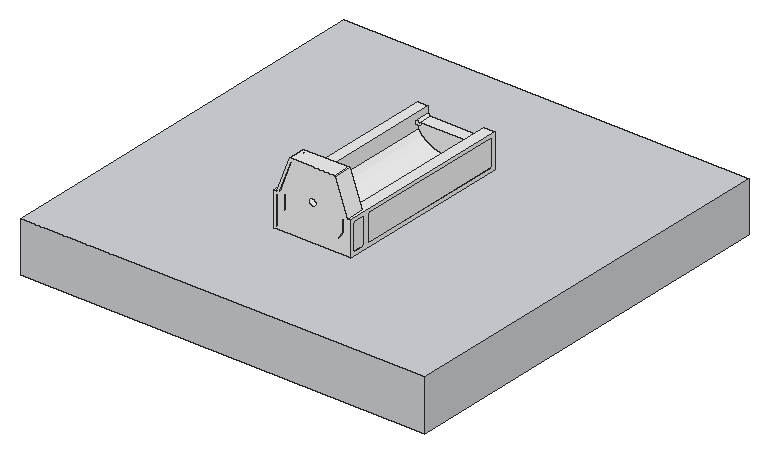
Revit family
Parameters (values of type "Vitreous_China-0-White")
  Width = 1' - 6 1/4"
  Waste Connection = yes
  WFU = 0
  Valve Pressure Drop = 0.00 psi
  URL = "http://www.us.kohler.com"
  Spud = Chrome-Kohler-CP-Polished
  Sanitary Radius = 7/8"
  Sanitary Diameter = Sanitary Radius * 2  # 1 3/4"
  Sanitary Connector = "Sanitary Connection"  # constant formula
  Rough-In = 0' - 8 1/2"
  Product Page URL = "http://www.us.kohler.com/onlinecatalog/detail.jsp?prod_num=4920-T"
  Product Documentation Link = "http://www.us.kohler.com/onlinecatalog/pdf/105106_4.pdf"
  Model = "K-4920-T"  # constant formula
  Manufacturer = "Kohler"  # constant formula
  Length = 1' - 4 1/8"
  Height = 3' - 6 1/2"
  Flush Rate = 1 GPM
  Finish = Vitreous_China-Kohler-0-White
  Description = "Branham™ urinal with top spud"  # constant formula
  Default Elevation = 0' - 0"
  Created By = "http://www.medialab3dstudio.com/"
  Cold Water Radius = 3/4"
  Cold Water Diameter = Cold Water Radius * 2  # 1 1/2"
  Cold Water Connector = "Cold Water Connection"  # constant formula
  CWFU = 0
  CW Connection = yes
  Assembly Code = "D2010210"
  Actual Valve Water Flow = 0 GPM
  ADA Compliant = yes
Types (7): name | Product Documentation Link | Finish
  (no name) | "http://www.us.kohler.com/onlinecatalog/pdf/105106_4.pdf" | Vitreous_China-Kohler-0-White
  Vitreous_China-0-White | "http://www.us.kohler.com/onlinecatalog/pdf/105106_4.pdf" | Vitreous_China-Kohler-0-White
  Vitreous_China-7-Black_Black | "http://www.us.kohler.com/onlinecatalog/pdf/105108_4.pdf" | Vitreous_China-Kohler-7-Black_Black
  Vitreous_China-33-Mexican_Sand | "http://www.us.kohler.com/onlinecatalog/pdf/105108_4.pdf" | Vitreous_China-Kohler-33-Mexican_Sand
  Vitreous_China-47-Almond | "http://www.us.kohler.com/onlinecatalog/pdf/105108_4.pdf" | Vitreous_China-Kohler-47-Almond
  Vitreous_China-96-Biscuit | "http://www.us.kohler.com/onlinecatalog/pdf/105108_4.pdf" | Vitreous_China-Kohler-96-Biscuit
  Vitreous_China-G9-Sandbar | "http://www.us.kohler.com/onlinecatalog/pdf/105108_4.pdf" | Vitreous_China-Kohler-G9-Sandbar
Reference planes (in)
  plane 1 "Center (Top/Bottom)": y = 0
  plane 2 "Back": z = 0
  plane 3 "Center (Left/Right)": x = 0
  plane 4 "Left": x = -9.125
  plane 5 "Right": x = 9.125
  plane 6 "Top": y = 21.25
  plane 7 "Bottom": y = -21.25
  plane 8 "Front": z = 16.125
  plane 9 "Center (Front/Back)": z = 8.0625
  plane 10: y = 18.23417
  plane 11: y = 21.125
  plane 12: z = 4.5625
  plane 13: z = 6.5625
  plane 14: y = 18.35917
  plane 15: y = -21.125
  plane 16: y = -17.21052
  plane 17: x = -6.625
  plane 18: x = -6.09467
  plane 19: x = 6.09467
  plane 20: x = 6.625
  plane 21: z = 6.03217
  plane 22: x = -8.625
  plane 23: x = -8.40709
  plane 24: x = -7.875
  plane 25: x = -5.53245
  plane 26: x = -5.15241
  plane 27: x = -5.03495
  plane 28: x = -5.03495
  plane 29: x = 7.875
  plane 30: x = 8.40709
  plane 31: x = 5.03495
  plane 32: x = 5.15241
  plane 33: x = 5.29753
  plane 34: x = 5.53245
  plane 35: z = 15.96051
  plane 36: z = 15.625
  plane 37: z = 15.54275
  plane 38: z = 8.5
  plane 39: z = 0.125
  plane 40: x = -8.875
  plane 41: x = 8.875
  plane 42: y = 20.62401
  plane 43: y = 20.12401
  plane 44: y = -16.4011
  plane 45: y = -15.9011
  plane 46: z = 7.35961
  plane 47: z = 0.7419
  plane 48: z = 6.85961
  plane 49: z = 1.2419
  plane 50: y = -17.42753
  plane 51: y = -20.62221
  plane 52: z = 1.2419
  plane 53: z = 0.7419
  plane 54: z = 7.35961
  plane 55: z = 6.85961
  plane 56: y = -17.92753
  plane 57: y = -20.12221
  plane 58: y = 20.62401
  plane 59: y = 20.12401
  plane 60: y = -16.4011
  plane 61: y = -15.9011
  plane 62: z = 7.35961
  plane 63: z = 0.7419
  plane 64: z = 6.85961
  plane 65: z = 1.2419
  plane 66: y = -17.42753
  plane 67: y = -20.62221
  plane 68: z = 1.2419
  plane 69: z = 0.7419
  plane 70: z = 7.35961
  plane 71: z = 6.85961
  plane 72: y = -17.92753
  plane 73: y = -20.12221
  plane 74: y = 17.43423
  plane 75: y = 18.18736
  plane 76: x = 5.53245
  plane 77: x = -5.29753
  plane 78: y = 19.5
  plane 79: x = -1
  plane 80: x = 1
  plane 81: x = -0.5
  plane 82: x = 0.5
  plane 83: z = 4
  plane 84: z = 2
  plane 85: z = 2.5
  plane 86: z = 3.5
  plane 87: z = 3
  plane 88: z = 3
  plane 89: y = 21.375
  plane 90: y = 21.5625
  plane 91: y = 21.875
  plane 92: z = 4.25
  plane 93: z = 4
  plane 94: z = 3.75
  plane 95: z = 2.25
  plane 96: z = 2
  plane 97: z = 1.75
  plane 98: z = 4
  plane 99: z = 3.75
  plane 100: z = 3.5
  plane 101: z = 2.5
  plane 102: z = 2.25
  plane 103: z = 2
Forms (in)
  Extrusion 1, solid
    sketch origin (0, 0, 0) x (1, 0, 0) y (0, 1, 0)
      loop
        line (-48, 48) -> (-48, -48) -> (48, -48) -> (48, 48) -> (-48, 48)
    from 0 to -12
  Sweep 2, solid, material "Vitreous_China-Kohler-0-White" <- "Finish"
    path origin (0, 0, 0) x (1, 0, 0) y (0, 0, 1)
      loop
        line (-9.125, 0) -> (9.125, 0) -> (9.125, 8.0625) -> (6.625, 8.0625) -> (6.625, 6.5625) -> (6.09467, 6.03217) -> (-6.09467, 6.03217) -> (-6.625, 6.5625) -> (-6.625, 8.0625) -> (-9.125, 8.0625) -> (-9.125, 0)
    profile origin (-9.125, 0, 4.03125) x (-1, 0, 0) y (0, -1, 0)
      loop
        line (0, -21.25) -> (0, 21.25) -> (-0.5, 21.25) -> (-0.5, -21.25) -> (0, -21.25)
  Extrusion 3, solid, material "Vitreous_China-Kohler-0-White" <- "Finish"
    sketch origin (0, 0, 0) x (1, 0, 0) y (0, 0, 1)
      loop
        line (6.625, 6.5625) -> (6.625, 4.5625)
        arc (6.625, 4.5625) -> (0, 1.18664) -> (-6.625, 4.5625) r 8.18859
        line (-6.625, 4.5625) -> (-6.625, 6.5625) -> (-7.125, 6.5625) -> (-7.125, 4.40271)
        arc (-7.125, 4.40271) -> (0, 0.68664) -> (7.125, 4.40271) r 8.68859
        line (7.125, 4.40271) -> (7.125, 6.5625) -> (6.625, 6.5625)
    from -18.23417 to 21.25
  Extrusion 4, solid, material "Vitreous_China-Kohler-0-White" <- "Finish"
    sketch origin (0, 0, 0) x (1, 0, 0) y (0, 0, 1)
      loop
        line (7.125, 6.35539) -> (6.30178, 5.53217) -> (-6.30178, 5.53217) -> (-7.125, 6.35539) -> (-7.125, 7.5625) -> (-8.625, 7.5625) -> (-8.625, 0.5) -> (8.625, 0.5) -> (8.625, 7.5625) -> (7.125, 7.5625) -> (7.125, 6.35539)
    from -21.25 to -21.125
  Extrusion 5, void
    sketch origin (0, 0, 0) x (1, 0, 0) y (0, 1, 0)
      loop
        line (5.78144, 18.23417) -> (-5.82506, 18.23417)
        arc (-5.82506, 18.23417) -> (-6.3907, 17.99987) -> (-6.625, 17.43423) r 0.79994
        line (-6.625, 17.43423) -> (-6.625, -21.25) -> (6.625, -21.25) -> (6.625, 17.39061)
        arc (6.625, 17.39061) -> (6.37793, 17.98709) -> (5.78144, 18.23417) r 0.84356
    from 4.5625 to 6.5625
  Extrusion 6, solid, material "Vitreous_China-Kohler-0-White" <- "Finish"
    sketch origin (0, 0, 0) x (1, 0, 0) y (0, 0, 1)
      loop
        line (6.625, 4.5625) -> (6.625, 5.85539) -> (6.30178, 5.53217) -> (-6.30178, 5.53217) -> (-6.625, 5.85539) -> (-6.625, 4.5625)
        arc (-6.625, 4.5625) -> (0, 1.18664) -> (6.625, 4.5625) r 8.18859
    from -18.35917 to -18.23417
  Extrusion 7, solid, material "Vitreous_China-Kohler-0-White" <- "Finish"
    sketch origin (0, 0, 0) x (1, 0, 0) y (0, 0, 1)
      loop
        line (-8.625, 0.5) -> (8.625, 0.5) -> (8.625, 7.5625) -> (7.125, 7.5625) -> (7.125, 4.40271)
        arc (7.125, 4.40271) -> (0, 0.68664) -> (-7.125, 4.40271) r 8.68859
        line (-7.125, 4.40271) -> (-7.125, 7.5625) -> (-8.625, 7.5625) -> (-8.625, 0.5)
    from 21.125 to 21.25
  Extrusion 8, solid, material "Vitreous_China-Kohler-0-White" <- "Finish"
    sketch origin (0, 0, 0) x (1, 0, 0) y (0, 0, 1)
      loop
        line (7.875, 8.0625) -> (8.40709, 8.0625) -> (5.53245, 15.96051)
        arc (5.53245, 15.96051) -> (5.44092, 16.07979) -> (5.29753, 16.125) r 0.25
        line (5.29753, 16.125) -> (-5.29753, 16.125)
        arc (-5.29753, 16.125) -> (-5.44092, 16.07979) -> (-5.53245, 15.96051) r 0.25
        line (-5.53245, 15.96051) -> (-8.40709, 8.0625) -> (-7.875, 8.0625) -> (-5.15241, 15.54275)
        arc (-5.15241, 15.54275) -> (-5.10665, 15.60239) -> (-5.03495, 15.625) r 0.125
        line (-5.03495, 15.625) -> (5.03495, 15.625)
        arc (5.03495, 15.625) -> (5.10665, 15.60239) -> (5.15241, 15.54275) r 0.125
        line (5.15241, 15.54275) -> (7.875, 8.0625)
    from 17.21052 to 21.25
  Extrusion 9, solid, material "Vitreous_China-Kohler-0-White" <- "Finish"
    sketch origin (0, 0, 0) x (1, 0, 0) y (0, 0, 1)
      loop
        line (-7.875, 8.0625) -> (-6.625, 8.0625) -> (-6.625, 4.5625)
        arc (-6.625, 4.5625) -> (0, 1.18664) -> (6.625, 4.5625) r 8.18859
        line (6.625, 4.5625) -> (6.625, 8.0625) -> (7.875, 8.0625) -> (5.15241, 15.54275)
        arc (5.15241, 15.54275) -> (5.10665, 15.60239) -> (5.03495, 15.625) r 0.125
        line (5.03495, 15.625) -> (-5.03495, 15.625)
        arc (-5.03495, 15.625) -> (-5.10665, 15.60239) -> (-5.15241, 15.54275) r 0.125
        line (-5.15241, 15.54275) -> (-7.875, 8.0625)
    from 21.125 to 21.25
  Blend 10, void
    base sketch origin (0, 0, 0) x (1, 0, 0) y (0, 0, 1)
      loop
        arc (-1.25, 8.5) -> (-0.88388, 7.61612) -> (0, 7.25) r 1.25
        arc (0, 7.25) -> (0.88388, 7.61612) -> (1.25, 8.5) r 1.25
        arc (1.25, 8.5) -> (0.88388, 9.38388) -> (0, 9.75) r 1.25
        arc (0, 9.75) -> (-0.88388, 9.38388) -> (-1.25, 8.5) r 1.25
    top sketch origin (0, 0, 0) x (1, 0, 0) y (0, 0, 1)
      loop
        arc (-0.87668, 8.5) -> (-0.61991, 7.88009) -> (0, 7.62332) r 0.87668
        arc (0, 7.62332) -> (0.61991, 7.88009) -> (0.87668, 8.5) r 0.87668
        arc (0.87668, 8.5) -> (0.61991, 9.11991) -> (0, 9.37668) r 0.87668
        arc (0, 9.37668) -> (-0.61991, 9.11991) -> (-0.87668, 8.5) r 0.87668
    from 21.125 to 21.25
  Extrusion 11, void
    sketch origin (0, 0, 0) x (0, 1, 0) y (0, 0, 1)
      loop
        arc (20.62401, 6.85961) -> (20.47756, 7.21316) -> (20.12401, 7.35961) r 0.5
        line (20.12401, 7.35961) -> (-15.9011, 7.35961)
        arc (-15.9011, 7.35961) -> (-16.25465, 7.21316) -> (-16.4011, 6.85961) r 0.5
        line (-16.4011, 6.85961) -> (-16.4011, 1.2419)
        arc (-16.4011, 1.2419) -> (-16.25465, 0.88835) -> (-15.9011, 0.7419) r 0.5
        line (-15.9011, 0.7419) -> (20.12401, 0.7419)
        arc (20.12401, 0.7419) -> (20.47756, 0.88835) -> (20.62401, 1.2419) r 0.5
        line (20.62401, 1.2419) -> (20.62401, 6.85961)
    from -9.125 to -8.875
  Extrusion 12, void
    sketch origin (0, 0, 0) x (0, 1, 0) y (0, 0, 1)
      loop
        arc (-17.42753, 6.85961) -> (-17.57397, 7.21316) -> (-17.92753, 7.35961) r 0.5
        line (-17.92753, 7.35961) -> (-20.12221, 7.35961)
        arc (-20.12221, 7.35961) -> (-20.47576, 7.21316) -> (-20.62221, 6.85961) r 0.5
        line (-20.62221, 6.85961) -> (-20.62221, 1.2419)
        arc (-20.62221, 1.2419) -> (-20.47576, 0.88835) -> (-20.12221, 0.7419) r 0.5
        line (-20.12221, 0.7419) -> (-17.92753, 0.7419)
        arc (-17.92753, 0.7419) -> (-17.57397, 0.88835) -> (-17.42753, 1.2419) r 0.5
        line (-17.42753, 1.2419) -> (-17.42753, 6.85961)
    from -9.125 to -8.875
  Extrusion 13, void
    sketch origin (0, 0, 0) x (0, 1, 0) y (0, 0, 1)
      loop
        arc (20.62401, 6.85961) -> (20.47756, 7.21316) -> (20.12401, 7.35961) r 0.5
        line (20.12401, 7.35961) -> (-15.9011, 7.35961)
        arc (-15.9011, 7.35961) -> (-16.25465, 7.21316) -> (-16.4011, 6.85961) r 0.5
        line (-16.4011, 6.85961) -> (-16.4011, 1.2419)
        arc (-16.4011, 1.2419) -> (-16.25465, 0.88835) -> (-15.9011, 0.7419) r 0.5
        line (-15.9011, 0.7419) -> (20.12401, 0.7419)
        arc (20.12401, 0.7419) -> (20.47756, 0.88835) -> (20.62401, 1.2419) r 0.5
        line (20.62401, 1.2419) -> (20.62401, 6.85961)
    from 8.875 to 9.125
  Extrusion 14, void
    sketch origin (0, 0, 0) x (0, 1, 0) y (0, 0, 1)
      loop
        arc (-17.42753, 6.85961) -> (-17.57397, 7.21316) -> (-17.92753, 7.35961) r 0.5
        line (-17.92753, 7.35961) -> (-20.12221, 7.35961)
        arc (-20.12221, 7.35961) -> (-20.47576, 7.21316) -> (-20.62221, 6.85961) r 0.5
        line (-20.62221, 6.85961) -> (-20.62221, 1.2419)
        arc (-20.62221, 1.2419) -> (-20.47576, 0.88835) -> (-20.12221, 0.7419) r 0.5
        line (-20.12221, 0.7419) -> (-17.92753, 0.7419)
        arc (-17.92753, 0.7419) -> (-17.57397, 0.88835) -> (-17.42753, 1.2419) r 0.5
        line (-17.42753, 1.2419) -> (-17.42753, 6.85961)
    from 8.875 to 9.125
  Extrusion 15, solid, material "Chrome-Kohler-CP-Polished" <- "Spud"
    sketch origin (0, 21.25, -16.5) x (1, 0, 0) y (0, 0, 1)
      loop
        arc (-0.75, 19.5) -> (-0.53033, 18.96967) -> (0, 18.75) r 0.75
        arc (0, 18.75) -> (0.53033, 18.96967) -> (0.75, 19.5) r 0.75
        arc (0.75, 19.5) -> (0.53033, 20.03033) -> (0, 20.25) r 0.75
        arc (0, 20.25) -> (-0.53033, 20.03033) -> (-0.75, 19.5) r 0.75
    from -0.625 to 0
  Extrusion 16, solid, material "Chrome-Kohler-CP-Polished" <- "Spud"
    sketch origin (0, 21.25, -16.5) x (1, 0, 0) y (0, 0, 1)
      loop
        line (-1, 20) -> (-1, 19) -> (-0.5, 18.5) -> (0.5, 18.5) -> (1, 19) -> (1, 20) -> (0.5, 20.5) -> (-0.5, 20.5) -> (-1, 20)
    from -0.3125 to -0.125
  Extrusion 17, solid, material "Chrome-Kohler-CP-Polished" <- "Spud"
    sketch origin (0, 21.25, -16.5) x (1, 0, 0) y (0, 0, 1)
      loop
        arc (-1.25, 19.5) -> (-0.88388, 18.61612) -> (0, 18.25) r 1.25
        arc (0, 18.25) -> (0.88388, 18.61612) -> (1.25, 19.5) r 1.25
        arc (1.25, 19.5) -> (0.88388, 20.38388) -> (0, 20.75) r 1.25
        arc (0, 20.75) -> (-0.88388, 20.38388) -> (-1.25, 19.5) r 1.25
    from -0.125 to 0
Cuts and joins
  Extrusion 5, Blend 10, Extrusion 11, Extrusion 12, Extrusion 13, Extrusion 14 cuts Sweep 2
  Blend 10, Extrusion 13, Extrusion 14 cuts Extrusion 3
  Blend 10, Extrusion 13, Extrusion 14 cuts Extrusion 4
  Blend 10, Extrusion 13, Extrusion 14 cuts Extrusion 7
  Blend 10, Extrusion 13, Extrusion 14 cuts Extrusion 8
  Blend 10, Extrusion 13, Extrusion 14 cuts Extrusion 9
  joined: Sweep 2, Extrusion 3, Extrusion 4, Extrusion 6, Extrusion 7, Extrusion 8, Extrusion 9
Lines and regions (in)
  Masking region 1, detail levels coarse
    outline origin (0, 0, 0) x (0, 1, 0) y (0, 0, 1)
      loop
        line (21.25, 16.125) -> (-21.25, 16.125) -> (-21.25, 0) -> (21.25, 0) -> (21.25, 16.125)
  Masking region 2, detail levels fine
    outline origin (0, 0, 0) x (0, 1, 0) y (0, 0, 1)
      loop
        line (20.62401, 1.2419) -> (20.62401, 6.85961)
        arc (20.62401, 6.85961) -> (20.47756, 7.21316) -> (20.12401, 7.35961) r 0.5
        line (20.12401, 7.35961) -> (-15.9011, 7.35961)
        arc (-15.9011, 7.35961) -> (-16.25465, 7.21316) -> (-16.4011, 6.85961) r 0.5
        line (-16.4011, 6.85961) -> (-16.4011, 1.2419)
        arc (-16.4011, 1.2419) -> (-16.25465, 0.88835) -> (-15.9011, 0.7419) r 0.5
        line (-15.9011, 0.7419) -> (20.12401, 0.7419)
        arc (20.12401, 0.7419) -> (20.47756, 0.88835) -> (20.62401, 1.2419) r 0.5
      loop
        line (-17.42753, 1.2419) -> (-17.42753, 6.85961)
        arc (-17.42753, 6.85961) -> (-17.57397, 7.21316) -> (-17.92753, 7.35961) r 0.5
        line (-17.92753, 7.35961) -> (-20.12221, 7.35961)
        arc (-20.12221, 7.35961) -> (-20.47576, 7.21316) -> (-20.62221, 6.85961) r 0.5
        line (-20.62221, 6.85961) -> (-20.62221, 1.2419)
        arc (-20.62221, 1.2419) -> (-20.47576, 0.88835) -> (-20.12221, 0.7419) r 0.5
        line (-20.12221, 0.7419) -> (-17.92753, 0.7419)
        arc (-17.92753, 0.7419) -> (-17.57397, 0.88835) -> (-17.42753, 1.2419) r 0.5
  Masking region 3, detail levels medium+fine
    outline origin (0, 0, 0) x (0, 1, 0) y (0, 0, 1)
      loop
        line (21.25, 8.0625) -> (-17.21052, 8.0625) -> (-17.21052, 16.125) -> (-21.25, 16.125) -> (-21.25, 0) -> (21.25, 0) -> (21.25, 8.0625)
  Masking region 4
    outline origin (0, 0, 8.0625) x (0, -1, 0) y (1, 0, 0)
      loop
        line (21.25, -9.125) -> (21.25, 9.125) -> (-21.25, 9.125) -> (-21.25, 1.25) -> (-21.375, 1.25) -> (-21.375, 1) -> (-21.5625, 1) -> (-21.5625, 0.75) -> (-21.875, 0.75) -> (-21.875, -0.75) -> (-21.5625, -0.75) -> (-21.5625, -1) -> (-21.375, -1) -> (-21.375, -1.25) -> (-21.25, -1.25) -> (-21.25, -9.125) -> (21.25, -9.125)
  Masking region 5, detail levels medium+fine
    outline origin (0, 0, 16.125) x (0, -1, 0) y (1, 0, 0)
      loop
        arc (-18.23417, -5.82506) -> (-17.99987, -6.3907) -> (-17.43423, -6.625) r 0.79994
        line (-17.43423, -6.625) -> (17.21052, -6.625) -> (17.21052, 6.625) -> (-17.39061, 6.625)
        arc (-17.39061, 6.625) -> (-17.98709, 6.37793) -> (-18.23417, 5.78144) r 0.84356
        line (-18.23417, 5.78144) -> (-18.23417, -5.82506)
  Masking region 6, detail levels medium+fine
    outline origin (0, 0, 16.125) x (0, -1, 0) y (1, 0, 0)
      loop
        line (21.25, -8.40709) -> (21.25, 8.40709) -> (17.21052, 8.40709) -> (17.21052, -8.40709) -> (21.25, -8.40709)
  Masking region 7, detail levels coarse
    outline origin (0, 0, 0) x (1, 0, 0) y (0, 0, 1)
      loop
        line (9.125, 16.125) -> (-9.125, 16.125) -> (-9.125, 0) -> (9.125, 0) -> (9.125, 16.125)
  Masking region 8, detail levels medium+fine
    outline origin (0, 0, 0) x (1, 0, 0) y (0, 0, 1)
      loop
        line (8.40709, 8.0625) -> (5.53245, 15.96051)
        arc (5.53245, 15.96051) -> (5.44092, 16.07979) -> (5.29753, 16.125) r 0.25
        line (5.29753, 16.125) -> (-5.29753, 16.125)
        arc (-5.29753, 16.125) -> (-5.44092, 16.07979) -> (-5.53245, 15.96051) r 0.25
        line (-5.53245, 15.96051) -> (-8.40709, 8.0625) -> (-9.125, 8.0625) -> (-9.125, 0) -> (9.125, 0) -> (9.125, 8.0625) -> (8.40709, 8.0625)
  Masking region 9, detail levels fine
    outline origin (0, 21.25, 0) x (1, 0, 0) y (0, 0, 1)
      loop
        arc (1.25, 8.5) -> (0.88388, 9.38388) -> (0, 9.75) r 1.25
        arc (0, 9.75) -> (-0.88388, 9.38388) -> (-1.25, 8.5) r 1.25
        arc (-1.25, 8.5) -> (-0.88388, 7.61612) -> (0, 7.25) r 1.25
        arc (0, 7.25) -> (0.88388, 7.61612) -> (1.25, 8.5) r 1.25
  Masking region 10, detail levels fine
    outline origin (0, 21.25, 0) x (1, 0, 0) y (0, 0, 1)
      loop
        line (9.125, 0) -> (9.125, 8.0625) -> (6.625, 8.0625) -> (6.625, 6.5625) -> (6.09467, 6.03217) -> (-6.09467, 6.03217) -> (-6.625, 6.5625) -> (-6.625, 8.0625) -> (-9.125, 8.0625) -> (-9.125, 0) -> (9.125, 0)
  Masking region 11, detail levels fine
    outline origin (0, 0, 0) x (1, 0, 0) y (0, 0, 1)
      loop
        arc (0, 9.37668) -> (-0.61991, 9.11991) -> (-0.87668, 8.5) r 0.87668
        arc (-0.87668, 8.5) -> (-0.61991, 7.88009) -> (0, 7.62332) r 0.87668
        arc (0, 7.62332) -> (0.61991, 7.88009) -> (0.87668, 8.5) r 0.87668
        arc (0.87668, 8.5) -> (0.61991, 9.11991) -> (0, 9.37668) r 0.87668
  Masking region 12, detail levels fine
    outline origin (0, 21.25, 0) x (1, 0, 0) y (0, 0, 1)
      loop
        arc (0, 4.25) -> (-0.88388, 3.88388) -> (-1.25, 3) r 1.25
        arc (-1.25, 3) -> (-0.88388, 2.11612) -> (0, 1.75) r 1.25
        arc (0, 1.75) -> (0.88388, 2.11612) -> (1.25, 3) r 1.25
        arc (1.25, 3) -> (0.88388, 3.88388) -> (0, 4.25) r 1.25
      loop
        line (1, 3.5) -> (0.5, 4) -> (-0.5, 4) -> (-1, 3.5) -> (-1, 2.5) -> (-0.5, 2) -> (0.5, 2) -> (1, 2.5) -> (1, 3.5)
      loop
        arc (0.75, 3) -> (0.53033, 3.53033) -> (0, 3.75) r 0.75
        arc (0, 3.75) -> (-0.53033, 3.53033) -> (-0.75, 3) r 0.75
        arc (-0.75, 3) -> (-0.53033, 2.46967) -> (0, 2.25) r 0.75
        arc (0, 2.25) -> (0.53033, 2.46967) -> (0.75, 3) r 0.75
  Masking region 13, detail levels fine
    outline origin (0, 0, 0) x (0, 1, 0) y (0, 0, 1)
      loop
        line (21.25, 4.25) -> (21.25, 1.75) -> (21.375, 1.75) -> (21.375, 2) -> (21.5625, 2) -> (21.5625, 2.25) -> (21.875, 2.25) -> (21.875, 3.75) -> (21.5625, 3.75) -> (21.5625, 4) -> (21.375, 4) -> (21.375, 4.25) -> (21.25, 4.25)
  symbolic lines, style "Masking Lines", detail levels fine
    curve 1: line (0, -21.25, 8.0625) -> (0, -17.21052, 8.0625)
    curve 2: line (-6.09467, 18.18736, 16.125) -> (-6.09467, 21.25, 16.125)
    curve 3: line (-6.625, 17.43423, 16.125) -> (-6.625, 21.25, 16.125)
    curve 4: line (6.09467, 18.18736, 16.125) -> (6.09467, 21.25, 16.125)
    curve 5: line (6.625, 17.43423, 16.125) -> (6.625, 21.25, 16.125)
    curve 6: line (-5.53245, -17.21052, 16.125) -> (-5.53245, -21.25, 16.125)
    curve 7: line (5.53245, -17.21052, 16.125) -> (5.53245, -21.25, 16.125)
    curve 8: line (5.15241, 21.25, 15.54275) -> (7.875, 21.25, 8.0625)
    curve 9: arc (5.03495, 21.25, 15.625) -> (5.10665, 21.25, 15.60239) -> (5.15241, 21.25, 15.54275) r 0.125
    curve 10: line (-5.03495, 21.25, 15.625) -> (5.03495, 21.25, 15.625)
    curve 11: arc (-5.15241, 21.25, 15.54275) -> (-5.10665, 21.25, 15.60239) -> (-5.03495, 21.25, 15.625) r 0.125
    curve 12: line (-7.875, 21.25, 8.0625) -> (-5.15241, 21.25, 15.54275)
    curve 13: line (0, 21.5625, 3.75) -> (0, 21.5625, 2.25)
    curve 14: line (0, 21.375, 4) -> (0, 21.375, 2)
    curve 15: line (0, 21.375, 3.5) -> (0, 21.5625, 3.5)
    curve 16: line (0, 21.375, 2.5) -> (0, 21.5625, 2.5)
    curve 17: line (-0.75, 21.5625, 0) -> (0.75, 21.5625, 0)
    curve 18: line (-1, 21.375, 0) -> (1, 21.375, 0)
    curve 19: line (-0.5, 21.5625, 0) -> (-0.5, 21.375, 0)
    curve 20: line (0.5, 21.5625, 0) -> (0.5, 21.375, 0)
    curve 21: line (-1.25, 21.25, 0) -> (1.25, 21.25, 0)
Dimensions and locks (in)
  equal spacing: plane 4 "Left", plane 3 "Center (Left/Right)", plane 5 "Right"
  "Width": plane 4 "Left" to plane 5 "Right"
  equal spacing: plane 7 "Bottom", plane 1 "Center (Top/Bottom)", plane 6 "Top"
  "Height": plane 7 "Bottom" to plane 6 "Top"
  "Length": plane 8 "Front" to plane 2 "Back"
  equal spacing: plane 8 "Front", plane 9 "Center (Front/Back)", plane 2 "Back"
  locked: plane 10 to plane 6 "Top" at 3.01583
  locked: plane 11 to plane 6 "Top" at 0.125
  plane 13 to plane 12 to plane 2 "Back" = 0' - 2" locked, 0' - 4 9/16" locked
  locked: plane 10 to plane 14 at 0.125
  locked: plane 7 "Bottom" to plane 15 at 0.125
  locked: plane 7 "Bottom" to plane 16 at 4.03948
  plane 20 to plane 19 to plane 18 to plane 17 to plane 4 "Left" = 0' - 0.53033" locked, 1' - 0.18934" locked, 0' - 0.53033" locked, 0' - 2 1/2" locked
  locked: plane 21 to plane 2 "Back" at 6.03217
  locked: plane 4 "Left" to plane 22 at 0.5
  plane 8 "Front" to plane 35 to plane 36 to plane 37 = 0' - 0.16449" locked, 0' - 0.33551" locked, 0' - 0.08225" locked
  plane 5 "Right" to plane 30 to plane 29 to plane 34 to plane 33 to plane 32 to plane 31 = 0' - 0.71791" locked, 0' - 0.53209" locked, 0' - 2.34255" locked, 0' - 0.23492" locked, 0' - 0.14512" locked, 0' - 0.11746" locked
  "Rough-In": plane 38 to plane 2 "Back"
  locked: plane 2 "Back" to plane 39 at 0.125
  locked: plane 4 "Left" to plane 40 at 0.25
  locked: plane 41 to plane 5 "Right" at 0.25
  plane 2 "Back" to plane 47 to plane 49 to plane 48 to plane 46 = 0' - 0.7419" locked, 0' - 0 1/2" locked, 0' - 5.6177" locked, 0' - 0 1/2" locked
  plane 6 "Top" to plane 42 to plane 43 to plane 45 to plane 44 = 0' - 0.62599" locked, 0' - 0 1/2" locked, 3' - 0.02511" locked, 0' - 0 1/2" locked
  plane 50 to plane 56 to plane 57 to plane 51 to plane 7 "Bottom" = 0' - 0 1/2" locked, 0' - 2.19468" locked, 0' - 0 1/2" locked, 0' - 0.62779" locked
  plane 54 to plane 55 to plane 52 to plane 53 to plane 2 "Back" = 0' - 0 1/2" locked, 0' - 5.6177" locked, 0' - 0 1/2" locked, 0' - 0.7419" locked
  plane 7 "Bottom" to plane 60 to plane 61 to plane 59 to plane 58 = 0' - 4.8489" locked, 0' - 0 1/2" locked, 3' - 0.02511" locked, 0' - 0 1/2" locked
  plane 2 "Back" to plane 63 to plane 65 to plane 64 to plane 62 = 0' - 0.7419" locked, 0' - 0 1/2" locked, 0' - 5.6177" locked, 0' - 0 1/2" locked
  plane 7 "Bottom" to plane 67 to plane 73 to plane 72 to plane 66 = 0' - 0.62779" locked, 0' - 0 1/2" locked, 0' - 2.19468" locked, 0' - 0 1/2" locked
  plane 70 to plane 71 to plane 68 to plane 69 to plane 2 "Back" = 0' - 0 1/2" locked, 0' - 5.6177" locked, 0' - 0 1/2" locked, 0' - 0.7419" locked
  plane 74 to plane 75 to plane 6 "Top" = 0' - 0.75313" locked, 0' - 3.06264" locked
  locked: plane 76 to plane 5 "Right" at 3.59255
  plane 28 to plane 26 to plane 77 to plane 25 to plane 24 to plane 23 to plane 4 "Left" = 0' - 0.11746" locked, 0' - 0.14512" locked, 0' - 0.23492" locked, 0' - 2.34255" locked, 0' - 0.53209" locked, 0' - 0.71791" locked
  locked: plane 2 "Back" to plane 87 at 3
  plane 2 "Back" to plane 84 to plane 85 to plane 86 to plane 83 = 0' - 2" locked, 0' - 0 1/2" locked, 0' - 1" locked, 0' - 0 1/2" locked
  plane 5 "Right" to plane 80 to plane 82 to plane 81 to plane 79 = 0' - 8 1/8" locked, 0' - 0 1/2" locked, 0' - 1" locked, 0' - 0 1/2" locked
  locked: plane 2 "Back" to plane 88 at 3
  plane 6 "Top" to plane 89 to plane 90 to plane 91 = 0' - 0 1/8" locked, 0' - 0 3/16" locked, 0' - 0 5/16" locked
  plane 92 to plane 93 to plane 94 to plane 95 to plane 96 to plane 97 to plane 2 "Back" = 0' - 0 1/4" locked, 0' - 0 1/4" locked, 0' - 1 1/2" locked, 0' - 0 1/4" locked, 0' - 0 1/4" locked, 0' - 1 3/4" locked
  plane 98 to plane 99 to plane 100 to plane 101 to plane 102 to plane 103 to plane 2 "Back" = 0' - 0 1/4" locked, 0' - 0 1/4" locked, 0' - 1" locked, 0' - 0 1/4" locked, 0' - 0 1/4" locked, 0' - 2" locked
  aligned and locked: plane 2 "Back" to Extrusion 1
  aligned and locked: level to Extrusion 1
  aligned and locked: Extrusion 3 to plane 10
  aligned and locked: plane 7 "Bottom" to Extrusion 3
  aligned and locked: Extrusion 3 to Extrusion 4 sketch curve
  aligned and locked: Extrusion 4 sketch curve to Sweep 2  (x8)
  aligned and locked: Extrusion 4 sketch curve to Extrusion 3
  aligned and locked: Extrusion 4 to plane 6 "Top"
  aligned and locked: plane 11 to Extrusion 4
  aligned and locked: plane 13 to Extrusion 5
  aligned and locked: plane 12 to Extrusion 5
  aligned and locked: Extrusion 6 sketch curve to Extrusion 3
  aligned and locked: Extrusion 6 sketch curve to cut or joined group 1 (Sweep 2, Extrusion 3, Extrusion 4, Extrusion 5, Extrusion 6, Extrusion 7, Extrusion 8, Extrusion 9, Blend 10, Extrusion 11, Extrusion 12, Extrusion 13, Extrusion 14)  (x2)
  aligned and locked: Extrusion 3 to Extrusion 6 sketch curve
  aligned and locked: plane 10 to Extrusion 6
  aligned and locked: Extrusion 6 to plane 14
  aligned and locked: Extrusion 7 sketch curve to cut or joined group 1  (x7)
  aligned and locked: plane 7 "Bottom" to Extrusion 7
  aligned and locked: Extrusion 7 to plane 15
  aligned and locked: Extrusion 7 sketch curve to Extrusion 3
  aligned and locked: plane 7 "Bottom" to Extrusion 8
  aligned and locked: Extrusion 8 to plane 16
  aligned and locked: Extrusion 9 sketch curve to Extrusion 8  (x2)
  aligned and locked: Extrusion 9 sketch curve to cut or joined group 1  (x3)
  aligned and locked: Extrusion 9 sketch curve to Extrusion 6
  aligned and locked: cut or joined group 1 to Extrusion 9 sketch curve
  aligned and locked: plane 7 "Bottom" to Extrusion 9
  aligned and locked: Extrusion 9 to plane 15
  aligned and locked: plane 4 "Left" to Sweep 2 sketch curve
  aligned and locked: plane 9 "Center (Front/Back)" to Sweep 2 sketch curve  (x2)
  aligned and locked: Sweep 2 sketch curve to plane 2 "Back"
  aligned and locked: Sweep 2 sketch curve to plane 5 "Right"
  aligned and locked: plane 13 to Sweep 2 sketch curve  (x2)
  aligned and locked: Sweep 2 sketch curve to plane 17
  aligned and locked: plane 20 to Sweep 2 sketch curve
  aligned and locked: plane 18 to Sweep 2 sketch curve
  aligned and locked: plane 19 to Sweep 2 sketch curve
  aligned and locked: plane 21 to Sweep 2 sketch curve  (x2)
  aligned and locked: plane 6 "Top" to Sweep 2 sketch curve
  aligned and locked: Sweep 2 sketch curve to plane 4 "Left"
  aligned and locked: plane 7 "Bottom" to Sweep 2 sketch curve
  aligned and locked: Sweep 2 sketch curve to plane 22
  aligned and locked: plane 24 to Extrusion 8 sketch curve
  aligned and locked: plane 26 to Extrusion 8 sketch curve
  aligned and locked: plane 28 to Extrusion 8 sketch curve
  aligned and locked: plane 31 to Extrusion 8 sketch curve
  aligned and locked: plane 32 to Extrusion 8 sketch curve
  aligned and locked: plane 33 to Extrusion 8 sketch curve
  aligned and locked: plane 34 to Extrusion 8 sketch curve
  aligned and locked: plane 30 to Extrusion 8 sketch curve
  aligned and locked: plane 9 "Center (Front/Back)" to Extrusion 8 sketch curve  (x4)
  aligned and locked: Extrusion 8 sketch curve to plane 8 "Front"
  aligned and locked: plane 36 to Extrusion 8 sketch curve  (x2)
  aligned and locked: plane 37 to Extrusion 8 sketch curve  (x2)
  aligned and locked: plane 29 to Extrusion 8 sketch curve
  aligned and locked: plane 23 to Extrusion 8 sketch curve
  aligned and locked: plane 3 "Center (Left/Right)" to Blend 10 sketch curve  (x4)
  aligned and locked: plane 38 to Blend 10 sketch curve  (x4)
  aligned and locked: plane 7 "Bottom" to Blend 10
  aligned and locked: Blend 10 to plane 15
  aligned and locked: Extrusion 11 to plane 4 "Left"
  aligned and locked: plane 40 to Extrusion 11
  aligned and locked: plane 46 to Extrusion 11 sketch curve
  aligned and locked: Extrusion 11 sketch curve to plane 46
  aligned and locked: plane 49 to Extrusion 11 sketch curve  (x2)
  aligned and locked: plane 47 to Extrusion 11 sketch curve  (x2)
  aligned and locked: plane 45 to Extrusion 11 sketch curve  (x2)
  aligned and locked: Extrusion 11 sketch curve to plane 44
  aligned and locked: plane 44 to Extrusion 11 sketch curve
  aligned and locked: plane 42 to Extrusion 11 sketch curve
  aligned and locked: Extrusion 11 sketch curve to plane 42
  aligned and locked: plane 43 to Extrusion 11 sketch curve  (x2)
  aligned and locked: plane 48 to Extrusion 11 sketch curve
  aligned and locked: Extrusion 12 sketch curve to plane 50
  aligned and locked: plane 50 to Extrusion 12 sketch curve
  aligned and locked: plane 56 to Extrusion 12 sketch curve  (x2)
  aligned and locked: plane 57 to Extrusion 12 sketch curve  (x2)
  aligned and locked: Extrusion 12 sketch curve to plane 51
  aligned and locked: plane 51 to Extrusion 12 sketch curve
  aligned and locked: Extrusion 12 sketch curve to plane 53
  aligned and locked: plane 53 to Extrusion 12 sketch curve
  aligned and locked: plane 52 to Extrusion 12 sketch curve  (x2)
  aligned and locked: plane 55 to Extrusion 12 sketch curve  (x2)
  aligned and locked: plane 54 to Extrusion 12 sketch curve
  aligned and locked: Extrusion 12 sketch curve to plane 54
  aligned and locked: Extrusion 12 to plane 4 "Left"
  aligned and locked: plane 40 to Extrusion 12
  aligned and locked: plane 62 to Extrusion 13 sketch curve
  aligned and locked: Extrusion 13 sketch curve to plane 62
  aligned and locked: plane 65 to Extrusion 13 sketch curve  (x2)
  aligned and locked: plane 63 to Extrusion 13 sketch curve  (x2)
  aligned and locked: plane 61 to Extrusion 13 sketch curve  (x2)
  aligned and locked: Extrusion 13 sketch curve to plane 60
  aligned and locked: plane 60 to Extrusion 13 sketch curve
  aligned and locked: plane 58 to Extrusion 13 sketch curve
  aligned and locked: Extrusion 13 sketch curve to plane 58
  aligned and locked: plane 59 to Extrusion 13 sketch curve  (x2)
  aligned and locked: plane 64 to Extrusion 13 sketch curve
  aligned and locked: Extrusion 13 to plane 41
  aligned and locked: plane 5 "Right" to Extrusion 13
  aligned and locked: Extrusion 14 sketch curve to plane 66
  aligned and locked: plane 66 to Extrusion 14 sketch curve
  aligned and locked: plane 72 to Extrusion 14 sketch curve  (x2)
  aligned and locked: plane 73 to Extrusion 14 sketch curve  (x2)
  aligned and locked: Extrusion 14 sketch curve to plane 67
  aligned and locked: plane 67 to Extrusion 14 sketch curve
  aligned and locked: Extrusion 14 sketch curve to plane 69
  aligned and locked: plane 69 to Extrusion 14 sketch curve
  aligned and locked: plane 68 to Extrusion 14 sketch curve  (x2)
  aligned and locked: plane 71 to Extrusion 14 sketch curve  (x2)
  aligned and locked: plane 70 to Extrusion 14 sketch curve
  aligned and locked: Extrusion 14 sketch curve to plane 70
  aligned and locked: Extrusion 14 to plane 41
  aligned and locked: plane 8 "Front" to Masking region 1 sketch curve
  aligned and locked: plane 6 "Top" to Masking region 1 sketch curve
  aligned and locked: plane 2 "Back" to Masking region 1 sketch curve
  aligned and locked: Masking region 1 sketch curve to plane 7 "Bottom"
  aligned and locked: Masking region 2 sketch curve to cut or joined group 1  (x8)
  aligned and locked: Masking region 3 sketch curve to cut or joined group 1  (x3)
  aligned and locked: Masking region 3 sketch curve to Masking region 1  (x3)
  aligned and locked: curve 1 to cut or joined group 1
  aligned and locked: plane 4 "Left" to Masking region 4 sketch curve
  aligned and locked: Masking region 4 sketch curve to plane 5 "Right"
  aligned and locked: Masking region 4 sketch curve to plane 7 "Bottom"
  aligned and locked: Masking region 5 sketch curve to cut or joined group 1  (x2)
  aligned and locked: cut or joined group 1 to Masking region 5 sketch curve  (x2)
  aligned and locked: curve 2 to cut or joined group 1
  aligned and locked: cut or joined group 1 to curve 3
  aligned and locked: cut or joined group 1 to curve 4
  aligned and locked: curve 5 to cut or joined group 1
  aligned and locked: Masking region 6 sketch curve to cut or joined group 1  (x3)
  aligned and locked: Masking region 4 to Masking region 6 sketch curve
  aligned and locked: plane 16 to curve 6
  aligned and locked: plane 7 "Bottom" to curve 6
  aligned and locked: plane 16 to curve 7
  aligned and locked: plane 7 "Bottom" to curve 7
  aligned and locked: plane 6 "Top" to curve 3
  aligned and locked: plane 6 "Top" to curve 2
  aligned and locked: plane 6 "Top" to curve 5
  aligned and locked: plane 6 "Top" to curve 4
  aligned and locked: plane 74 to curve 3
  aligned and locked: plane 75 to curve 2
  aligned and locked: plane 10 to Masking region 5  (x2)
  aligned and locked: plane 75 to curve 4
  aligned and locked: plane 74 to curve 5
  aligned and locked: curve 7 to plane 76
  aligned and locked: plane 8 "Front" to Masking region 7 sketch curve
  aligned and locked: Masking region 7 sketch curve to plane 5 "Right"
  aligned and locked: plane 4 "Left" to Masking region 7 sketch curve
  aligned and locked: plane 2 "Back" to Masking region 7 sketch curve
  aligned and locked: plane 77 to Extrusion 8 sketch curve
  aligned and locked: Extrusion 8 sketch curve to plane 25
  aligned and locked: plane 35 to Extrusion 8 sketch curve
  aligned and locked: plane 8 "Front" to Extrusion 8 sketch curve
  aligned and locked: Masking region 8 sketch curve to cut or joined group 1  (x6)
  aligned and locked: cut or joined group 1 to Masking region 8 sketch curve
  aligned and locked: Masking region 8 sketch curve to Masking region 7
  aligned and locked: Masking region 9 sketch curve to cut or joined group 1  (x4)
  aligned and locked: Masking region 10 sketch curve to Masking region 8  (x3)
  aligned and locked: Masking region 10 sketch curve to cut or joined group 1  (x6)
  aligned and locked: cut or joined group 1 to Masking region 10 sketch curve
  aligned and locked: Masking region 11 sketch curve to cut or joined group 1  (x4)
  aligned and locked: curve 9 to cut or joined group 1
  aligned and locked: curve 11 to cut or joined group 1
  aligned and locked: curve 12 to cut or joined group 1
  aligned and locked: Extrusion 16 sketch curve to plane 84
  aligned and locked: plane 85 to Extrusion 16 sketch curve  (x2)
  aligned and locked: plane 86 to Extrusion 16 sketch curve  (x2)
  aligned and locked: plane 83 to Extrusion 16 sketch curve  (x2)
  aligned and locked: Extrusion 16 sketch curve to plane 79
  aligned and locked: plane 81 to Extrusion 16 sketch curve  (x2)
  aligned and locked: plane 82 to Extrusion 16 sketch curve  (x2)
  aligned and locked: plane 80 to Extrusion 16 sketch curve  (x2)
  aligned and locked: plane 87 to Extrusion 15 sketch curve  (x2)
  aligned and locked: plane 3 "Center (Left/Right)" to Extrusion 15 sketch curve  (x2)
  aligned and locked: plane 88 to Extrusion 17 sketch curve  (x2)
  aligned and locked: plane 3 "Center (Left/Right)" to Extrusion 17 sketch curve  (x2)
  aligned and locked: Masking region 12 sketch curve to Extrusion 17  (x4)
  aligned and locked: Masking region 12 sketch curve to Extrusion 16  (x8)
  aligned and locked: Masking region 12 sketch curve to Extrusion 15  (x4)
  aligned and locked: plane 91 to Extrusion 15
  aligned and locked: plane 90 to Extrusion 16
  aligned and locked: plane 89 to Extrusion 17
  aligned and locked: plane 6 "Top" to Extrusion 17
  aligned and locked: plane 6 "Top" to Extrusion 15
  aligned and locked: Extrusion 16 to plane 89
  aligned and locked: Masking region 13 sketch curve to plane 92
  aligned and locked: Masking region 13 sketch curve to plane 93
  aligned and locked: Masking region 13 sketch curve to plane 94
  aligned and locked: plane 95 to Masking region 13 sketch curve
  aligned and locked: plane 96 to Masking region 13 sketch curve
  aligned and locked: plane 97 to Masking region 13 sketch curve
  aligned and locked: Masking region 13 sketch curve to plane 6 "Top"
  aligned and locked: Masking region 13 sketch curve to plane 89  (x2)
  aligned and locked: Masking region 13 sketch curve to plane 90  (x2)
  aligned and locked: Masking region 13 sketch curve to plane 91
  aligned and locked: curve 14 to plane 89
  aligned and locked: curve 13 to plane 90
  aligned and locked: Extrusion 16 to plane 103
  aligned and locked: Masking region 13 to plane 102
  aligned and locked: curve 16 to plane 101
  aligned and locked: curve 15 to plane 100
  aligned and locked: plane 99 to Masking region 13
  aligned and locked: plane 98 to Extrusion 16
  aligned and locked: plane 98 to curve 14
  aligned and locked: plane 103 to curve 14
  aligned and locked: plane 102 to curve 13
  aligned and locked: plane 99 to curve 13
  aligned and locked: plane 90 to curve 15
  aligned and locked: plane 89 to curve 15
Automatic sketch dimensions
  Extrusion 1 sketch curve to Extrusion 1 sketch curve = 8' - 0"  (x2)
  Extrusion 3 sketch curve to Extrusion 3 sketch curve = 0' - 0"  (x2)
  Extrusion 3 sketch curve to plane 13 = 0' - 0"  (x2)
  Extrusion 3 sketch curve to plane 12 = 0' - 0"  (x2)
  Extrusion 3 sketch curve to plane 3 "Center (Left/Right)" = 0' - 0"
  plane 40 to Extrusion 3 sketch curve = 0' - 2 1/4"
  plane 12 to Extrusion 3 sketch curve = 0' - 0.15979"  (x2)
  Extrusion 3 sketch curve to Extrusion 3 sketch curve = 0' - 0 1/2"
  Extrusion 3 sketch curve to plane 38 = 0' - 0.87523"
  plane 7 "Bottom" to Extrusion 5 sketch curve = 0' - 0"
  plane 74 to Extrusion 5 sketch curve = 0' - 0"
  plane 10 to Extrusion 5 sketch curve = 0' - 0"
  plane 40 to Extrusion 5 sketch curve = 0' - 2 1/4"
  plane 76 to Extrusion 5 sketch curve = 0' - 0.24899"
  plane 76 to Extrusion 5 sketch curve = 0' - 1.09255"
  Extrusion 6 sketch curve to plane 12 = 0' - 0"
  Extrusion 6 sketch curve to Extrusion 6 sketch curve = 0' - 0.32322"  (x2)
  Extrusion 8 sketch curve to plane 35 = 0' - 0"
  plane 40 to Extrusion 9 sketch curve = 0' - 1"
  Extrusion 9 sketch curve to Extrusion 9 sketch curve = 0' - 0.11746"  (x2)
  Extrusion 9 sketch curve to plane 41 = 0' - 1"
  Blend 10 sketch curve to Blend 10 sketch curve = 0' - 1 1/4"
  Blend 10 sketch curve to Blend 10 sketch curve = 0' - 0.87668"
  Masking region 8 sketch curve to plane 76 = 0' - 0"
  plane 40 to Masking region 8 sketch curve = 0' - 0.46791"
  plane 8 "Front" to Masking region 8 sketch curve = 0' - 0.16449"
  curve 12 to plane 9 "Center (Front/Back)" = 0' - 0"
  curve 8 to plane 9 "Center (Front/Back)" = 0' - 0"
  plane 8 "Front" to curve 12 = 0' - 0.58225"
  curve 9 to curve 8 = 0' - 0.11746"
  curve 8 to plane 41 = 0' - 1"
  plane 40 to curve 6 = 0' - 3.34255"
  Extrusion 15 sketch curve to plane 3 "Center (Left/Right)" = 0' - 0 3/4"
  Extrusion 17 sketch curve to plane 3 "Center (Left/Right)" = 0' - 1 1/4"
  curve 1 to plane 7 "Bottom" = 0' - 0"
  curve 1 to plane 16 = 0' - 0"
  Masking region 4 sketch curve to plane 91 = 0' - 0"
  Masking region 4 sketch curve to plane 90 = 0' - 0"  (x2)
  Masking region 4 sketch curve to plane 89 = 0' - 0"  (x2)
  plane 6 "Top" to Masking region 4 sketch curve = 0' - 0"  (x2)
  Masking region 4 sketch curve to plane 3 "Center (Left/Right)" = 0' - 1 1/4"
  Masking region 4 sketch curve to Masking region 4 sketch curve = 0' - 0 1/4"  (x4)
  plane 3 "Center (Left/Right)" to Masking region 4 sketch curve = 0' - 0 3/4"
  plane 6 "Top" to curve 21 = 0' - 0"
  curve 18 to plane 89 = 0' - 0"
  curve 17 to plane 90 = 0' - 0"
  curve 21 to plane 3 "Center (Left/Right)" = 0' - 1 1/4"
  curve 21 to curve 18 = 0' - 0 1/4"
  curve 18 to curve 17 = 0' - 0 1/4"
  curve 17 to curve 19 = 0' - 0 1/4"
  plane 3 "Center (Left/Right)" to curve 20 = 0' - 0 1/2"
  curve 20 to curve 17 = 0' - 0 1/4"
  curve 17 to curve 18 = 0' - 0 1/4"
  curve 18 to curve 21 = 0' - 0 1/4"
Connectors (in)
  piping at (0, -21.25, 8.5), driven by "Actual Valve Water Flow", driven by "Waste Connection", driven by "Sanitary Radius", driven by "Waste Connection", driven by "Sanitary Connector", driven by "WFU"
    settings: on cut or joined group 1, index 1, connector radius 7/8", flow factor 0, pipe flow 0 GPM, pressure drop 0.00 psi, fitting loss kfactor 0, connector angle 0.00°, fixture units 0, flow configuration 3, flow direction 2, fitting loss method 0, system type 16, connector reference index -1, connector utility 1, adjustable connector yes, is connector primary yes, fitting loss table "", connector description "Sanitary Connection"
  piping at (0, 21.875, 3), driven by "Flush Rate", driven by "CW Connection", driven by "Cold Water Radius", driven by "CW Connection", driven by "Cold Water Connector", driven by "CWFU"
    settings: on Extrusion 15, index 2, connector radius 3/4", flow factor 0, pipe flow 1 GPM, pressure drop 0.00 psi, fitting loss kfactor 0, connector angle 0.00°, fixture units 0, flow configuration 3, flow direction 1, fitting loss method 0, system type 20, connector reference index -1, connector utility 1, adjustable connector yes, is connector primary no, fitting loss table "", connector description "Cold Water Connection"
